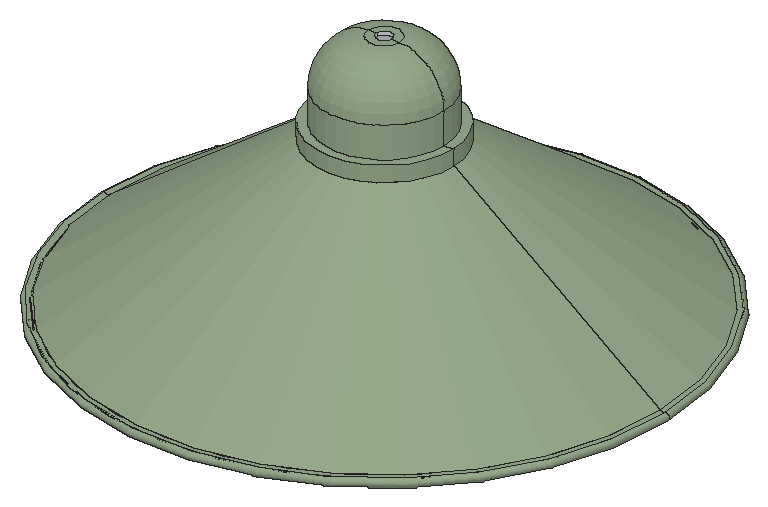
Revit family "WE18 SHADE", category Lighting Fixtures, Revit 2024
Family settings
  Round Connector Dimension = Use Diameter
  Part Type = Normal
  OmniClass Number = 23.80.70.00
  OmniClass Title = Lighting
  Work Plane-Based = No
  Always vertical = Yes
  Cut with Voids When Loaded = No
  Light Source = Yes
  Maintain Annotation Orientation = No
  Shared = No
  Room Calculation Point = No
Parameters
  Wattage = 9.2903 W
  built-in parameter 1150110 = 1 (stored number, unit not read)
  built-in parameter 1114217 = 1 (stored number, unit not read)
  built-in parameter 1150109 = 1 (stored number, unit not read)
  built-in parameter 1150134 = 3
  built-in parameter 1150113 = 1 (stored number, unit not read)
  built-in parameter 1150105 = 439.27 (stored number, unit not read)
  Lumens = 1380 lm
  built-in parameter 1150115 = 1 (stored number, unit not read)
  Light Source Symbol Size = 2' - 0"
  built-in parameter 1150137 = (empty or 0)
  built-in parameter 1150139 = (empty or 0)
  built-in parameter 1150112 = 1 (stored number, unit not read)
  built-in parameter 1150114 = 1 (stored number, unit not read)
  built-in parameter 1150132 = (empty or 0)
  built-in parameter 1150102 = (empty or 0)
  built-in parameter 1150107 = 3200 (stored number, unit not read)
  built-in parameter 1150138 = (empty or 0)
  built-in parameter 1150106 = 4.3927 (stored number, unit not read)
  built-in parameter 1150104 = 13.8 (stored number, unit not read)
  Dimming Lamp Color Temperature Shift = (empty or 0)
  Default Elevation = 0' - 0"
  Color Filter = 16777215
  built-in parameter 1114218 = 1 (stored number, unit not read)
  built-in parameter 1150133 = 10 (stored number, unit not read)
Reference planes (in)
  plane 1 "Light Source Axis (F/B)": y = 0
  plane 2: z = 0
  plane 3 "Light Source Axis (L/R)": x = 0
  plane 4 "Light Source Elevation": z = 54
Forms (in)
  Revolve 1, solid, not visible
    sketch origin (0, 0, 0) x (1, 0, 0) y (0, 0, 1)
      loop
        line (-1.45425, 58.87626) -> (-1.45425, 59.20093)
        arc (-1.45425, 59.20093) -> (-1.51919, 59.26587) -> (-1.58412, 59.20093) r 0.06494
        line (-1.58412, 59.20093) -> (-1.64906, 59.20093)
        arc (-1.64906, 59.20093) -> (-1.71399, 59.136) -> (-1.77893, 59.20093) r 0.06494
        line (-1.77893, 59.20093) -> (-2.28318, 59.20093)
        arc (-2.28318, 59.20093) -> (-2.41111, 59.0605) -> (-2.45743, 58.87626) r 0.38961
        line (-2.45743, 58.87626) -> (-1.45425, 58.87626)
      axis (-1.45425, 58.87626) -> (-2.45743, 58.87626)
    angle from 0 to 360
  Revolve 2, solid, not visible
    sketch origin (0, 0, -4.77789) x (1, 0, 0) y (0, 0, 1)
      loop
        line (-1.45425, 58.87626) -> (-1.45425, 59.20093)
        arc (-1.45425, 59.20093) -> (-1.51919, 59.26587) -> (-1.58412, 59.20093) r 0.06494
        line (-1.58412, 59.20093) -> (-1.64906, 59.20093)
        arc (-1.64906, 59.20093) -> (-1.71399, 59.136) -> (-1.77893, 59.20093) r 0.06494
        line (-1.77893, 59.20093) -> (-2.28318, 59.20093)
        arc (-2.28318, 59.20093) -> (-2.41111, 59.0605) -> (-2.45743, 58.87626) r 0.38961
        line (-2.45743, 58.87626) -> (-1.45425, 58.87626)
      axis (-1.45425, 58.87626) -> (-2.45743, 58.87626)
    angle from 0 to 360
  Sweep 3, solid, not visible
    path origin (0, 0, 0) x (1, 0, 0) y (0, 0, 1)
      loop
        line (-2.03967, 52.74803) -> (-2.03967, 61.85943)
        arc (-2.03967, 61.85943) -> (-4.99444, 64.8142) -> (-7.94921, 61.85943) r 2.95477
        line (-7.94921, 61.85943) -> (-7.94921, 60.07761)
    profile origin (-2.03967, 0, 57.30373) x (-1, 0, 0) y (0, -1, 0)
      loop
        circle (0, 0) r 0.1875
  Revolve 4, solid, not visible
    sketch origin (0, 0, 0) x (1, 0, 0) y (0, 0, 1)
      loop
        spline (-11.5338, 54.25604) -> (-11.53327, 54.62054) -> (-11.51765, 54.94785) -> (-11.49462, 55.20215) -> (-11.4387, 55.52355) -> (-11.34166, 55.86623) -> (-11.21238, 56.18469) -> (-11.05634, 56.4592) -> (-10.86408, 56.70149) -> (-10.63792, 56.91334) -> (-10.38044, 57.08433) -> (-10.00557, 57.22866) -> (-9.53349, 57.29425)
        arc (-9.53349, 57.29425) -> (-9.43019, 57.66173) -> (-9.0618, 57.76174) r 0.38694
        line (-9.0618, 57.76174) -> (-9.0618, 58.75549) -> (-8.98942, 58.82787) -> (-8.98942, 59.74949)
        arc (-8.98942, 59.74949) -> (-8.94621, 59.8538) -> (-8.8419, 59.897) r 0.14752
        line (-8.8419, 59.897) -> (-7.94921, 59.897) -> (-7.94921, 60.07761) -> (-8.2146, 60.07761) -> (-8.2146, 59.99075) -> (-8.8419, 59.99075)
        arc (-8.8419, 59.99075) -> (-9.0125, 59.92009) -> (-9.08317, 59.74949) r 0.24127
        line (-9.08317, 59.74949) -> (-9.08317, 58.83266)
        arc (-9.08317, 58.83266) -> (-9.13283, 58.80671) -> (-9.15555, 58.75549) r 0.085
        line (-9.15555, 58.75549) -> (-9.15555, 57.86758)
        arc (-9.15555, 57.86758) -> (-9.49691, 57.7276) -> (-9.63849, 57.3869) r 0.48069
        spline (-9.63849, 57.3869) -> (-10.117, 57.29295) -> (-10.47221, 57.14022) -> (-10.72912, 56.95719) -> (-10.95531, 56.73627) -> (-11.14643, 56.48532) -> (-11.30177, 56.20185) -> (-11.42964, 55.87717) -> (-11.5243, 55.53356) -> (-11.57801, 55.2147) -> (-11.60029, 54.96192) -> (-11.61586, 54.63792) -> (-11.61658, 54.2789)
        arc (-11.61658, 54.2789) -> (-11.64765, 54.00503) -> (-11.5338, 54.25604) r 0.13952
      axis (-7.94921, 60.07761) -> (-7.94921, 54.25604)
    angle from 0 to 360
  Revolve 5, solid, not visible
    sketch origin (0, 0, 0) x (1, 0, 0) y (0, 0, 1)
      loop
        line (-2.03103, 52.74803) -> (-2.29162, 52.74803) -> (-2.29162, 52.68626) -> (-2.25302, 52.68626)
        arc (-2.25302, 52.68626) -> (-2.20187, 52.63512) -> (-2.25302, 52.58397) r 0.05115
        arc (-2.25302, 52.58397) -> (-2.29162, 52.54536) -> (-2.25302, 52.50676) r 0.0386
        line (-2.25302, 52.50676) -> (-2.03103, 52.50676) -> (-2.03103, 52.74803)
      axis (-2.03103, 52.74803) -> (-2.03103, 52.50676)
    angle from 0 to 360
  Revolve 6, solid
    sketch origin (0, 0, 0) x (1, 0, 0) y (0, 0, 1)
      loop
        arc (-0.51047, 61.97578) -> (-1.52985, 61.51509) -> (-1.94697, 60.47713) r 1.5
        line (-1.94697, 60.47713) -> (-1.94697, 59.47713) -> (-2.24697, 59.47713) -> (-2.24697, 58.97713) -> (-8.94869, 54.22578) -> (-9.125, 54.22578)
        arc (-9.125, 54.22578) -> (-9.20155, 54.00196) -> (-9.00397, 54.13203) r 0.125
        line (-9.00397, 54.13203) -> (-8.91883, 54.13203) -> (-2.15322, 58.92867) -> (-2.15322, 59.38338) -> (-1.85322, 59.38338) -> (-1.85322, 60.47713)
        arc (-1.85322, 60.47713) -> (-1.46285, 61.44951) -> (-0.50845, 61.88203) r 1.40625
        line (-0.50845, 61.88203) -> (-0.24697, 61.88203) -> (-0.24697, 61.97578) -> (-0.51047, 61.97578)
      axis (0, 61.97578) -> (0, 54.13203)
    angle from 0 to 360
Dimensions and locks (in)
  aligned and locked: level to plane 2
